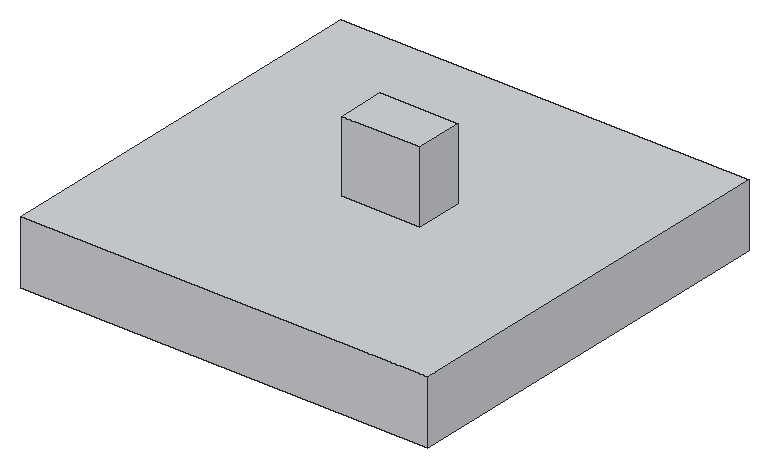
Revit family "M_Transformador tipo seco - 480-208Y120 - NEMA tipo 3R", category Equipamento elétrico, Revit 2019
Family settings
  Hospedeiro = Face
  Cota do conector redondo = Utilizar diâmetro
  Tipo de parte = Transformador
  Número OmniClass = 23.80.10.14.11
  Título OmniClass = Power Transformers
  ID de item do Seek = Dry Type Transformer - 480-208Y120 - NEMA Type 3R-0000-CAN-ENU
  Corte com vazios quando carregada = Não
  Compartilhado = Não
  Ponto de cálculo do ambiente = Não
Parameters (values of type "3 kVA")
  Largura do transformador = 229 mm
  Material do transformador = none
  Comprimento do transformador = 375 mm
  Altura do transformador = 343 mm
  Voltagem primária = 480 V
  Número primário dos pólos = 3
  built-in parameter 1140079 [instance] = 3
  Classificação de carga = Transformador
  Meia largura = Largura do transformador / 2  # 114.5 mm
  Meio comprimento = Comprimento do transformador / 2  # 187.5 mm
  built-in parameter 1140083 [instance] = "Tipo 3R"
  Elevação-padrão = 1200 mm
  built-in parameter 1140087 [instance] = 1
Types (6, lengths in mm): name | Largura do transformador | Comprimento do transformador | Altura do transformador | Meia largura | Meio comprimento | built-in parameter 1140087
  (no name) | 229 | 375 | 343 | 114.5 | 187.5 | 1
  3 kVA | 229 | 375 | 343 | 114.5 | 187.5 | 1
  6 kVA | 229 | 375 | 343 | 114.5 | 187.5 | (empty or 0)
  9 kVA | 311 | 485 | 375 | 155.5 | 242.5 | 1
  15 kVA | 311 | 485 | 375 | 155.5 | 242.5 | 1
  30 kVA | 343 | 635 | 559 | 171.5 | 317.5 | 1
Reference planes
  plane 1 "Centro (Frente/Trás)": y = 0
  plane 2: z = 0
  plane 3 "Centro (Esquerda/Direita)": x = 0
  plane 4: x = -187.5
  plane 5: x = 187.5
  plane 6: y = 114.5
  plane 7: y = -114.5
  plane 8: z = 343
Forms (mm)
  Extrusion 1, solid
    sketch origin (0, 0, 0) x (1, 0, 0) y (0, 1, 0)
      loop
        line (-1030.643, 935.464) -> (-1030.643, -990.756) -> (925.04, -990.756) -> (925.04, 935.464) -> (-1030.643, 935.464)
    from 0 to -304.8
  Extrusion 2, solid, material <- "Material do transformador"
    sketch origin (0, 0, 0) x (1, 0, 0) y (0, 1, 0)
      loop
        line (-187.5, -114.5) -> (187.5, -114.5) -> (187.5, 114.5) -> (-187.5, 114.5) -> (-187.5, -114.5)
    from 0 to 343
Dimensions and locks
  "Meia largura": plane 6 to plane 1 "Centro (Frente/Trás)"
  "Meia largura": plane 7 to plane 1 "Centro (Frente/Trás)"
  locked: connector elem to level at 50.8
  locked: connector elem to plane 6 at 38.1
  "Altura do transformador": plane 2 to plane 8
  "Meio comprimento": plane 4 to plane 3 "Centro (Esquerda/Direita)"
  "Meio comprimento": plane 5 to plane 3 "Centro (Esquerda/Direita)"
  aligned and locked: plane 2 to Extrusion 1
  aligned and locked: level to Extrusion 1
  aligned and locked: plane 4 to Extrusion 2 sketch curve
  aligned and locked: Extrusion 2 sketch curve to plane 7
  aligned and locked: plane 6 to Extrusion 2 sketch curve
  aligned and locked: plane 5 to Extrusion 2 sketch curve
  aligned and locked: plane 8 to Extrusion 2
  aligned and locked: Extrusion 2 to plane 2
Automatic sketch dimensions
  Extrusion 1 sketch curve to Extrusion 1 sketch curve = 1955.683 mm
  Extrusion 1 sketch curve to Extrusion 1 sketch curve = 1926.22 mm
Connectors
  electrical at (-187.5, 76.4, 50.8), driven by "Número primário dos pólos", driven by "Voltagem primária", driven by "Classificação de carga"
    settings: on plane 4, index 1, voltage 480 V, apparent load 0 VA, apparent load phase1 0 VA, apparent load phase2 0 VA, apparent load phase3 0 VA, power factor 1, load classification "Transformador", number of poles 3, system type 31, power factor state 1, is connector primary yes, connector utility no, sub classification motor no, connector description ""
  cabletrayconduit at (0, 0, 343), diameter 600
    settings: on Extrusion 2, index 2, connector width 300 mm, connector height 300 mm, connector angle 0.00°, system type 32, placement type 1, profile type 0, connector reference index -1, is primary connector yes, connector utility param no, connector description ""
  cabletrayconduit at (-187.5, 0, 171.5), diameter 600
    settings: on Extrusion 2, index 3, connector width 300 mm, connector height 300 mm, connector angle 0.00°, system type 32, placement type 1, profile type 0, connector reference index -1, is primary connector no, connector utility param no, connector description ""
  cabletrayconduit at (187.5, 0, 171.5), diameter 600
    settings: on Extrusion 2, index 4, connector width 300 mm, connector height 300 mm, connector angle 0.00°, system type 32, placement type 1, profile type 0, connector reference index -1, is primary connector no, connector utility param no, connector description ""
  cabletrayconduit at (0, 114.5, 171.5), diameter 600
    settings: on Extrusion 2, index 5, connector width 300 mm, connector height 300 mm, connector angle 0.00°, system type 32, placement type 1, profile type 0, connector reference index -1, is primary connector no, connector utility param no, connector description ""
  cabletrayconduit at (0, 0, 0), diameter 600
    settings: on Extrusion 2, index 6, connector width 300 mm, connector height 300 mm, connector angle 0.00°, system type 32, placement type 1, profile type 0, connector reference index -1, is primary connector no, connector utility param no, connector description ""
